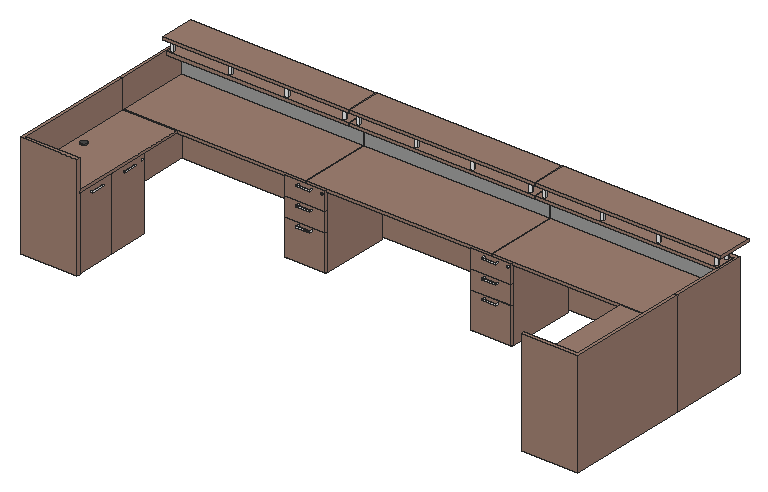
Revit family "T100123", category Furniture, Revit 2022 (continued)
Definition of nested family "OFS ELEMENT INTERIOR TACKBOARD FOR DESK WITH TRANSACTION SHELF"
  Types (11): name | Width 2 | Width | 3 Piece | Model | Description | 2 Piece | 1 Piece
    ELEMENT INTERIOR TACKBOARD FT1146 | 0' - 1" | 3' - 10 11/16" | no | "FT1146" | "OFS BRANDS OFS ELEMENT INTERIOR TACKBOARD FT1146 - Use with EL-T84LL48C, EL-T84RL48C, EL-T84LL60C and EL-T84RL60C" | no | yes
    ELEMENT INTERIOR TACKBOARD FT1142 | 3' - 10 11/16" | 13' - 9 15/32" | no | "FT1142" | "OFS BRANDS OFS ELEMENT INTERIOR TACKBOARD FT1142 - Two 46.6875\"W Pieces - Use with EL-T84DC" | yes | no
    ELEMENT INTERIOR TACKBOARD FT1144 | 0' - 1" | 6' - 9 1/2" | no | "FT1144" | "OFS BRANDS OFS ELEMENT INTERIOR TACKBOARD FT1144 - Use with EL-T84S, EL-T84LL48, EL-T84RL48, EL-T84LL60, EL-T84RL60, EL-T84LU48, EL-T84RU48, EL-T84LU60 and EL-T84RU60" | no | yes
    ELEMENT INTERIOR TACKBOARD FT1138 | 6' - 10 11/16" | 13' - 9 3/8" | no | "FT1138" | "OFS BRANDS OFS ELEMENT INTERIOR TACKBOARD FT1138 - Two 82.6875\"W Pieces - Use with EL-T84D, EL-T84D48 and EL-T84D60" | yes | no
    ELEMENT INTERIOR TACKBOARD FT1140 | 6' - 10 11/16" | 20' - 9 1/4" | yes | "FT1140" | "OFS BRANDS OFS ELEMENT INTERIOR TACKBOARD FT1140 - Two 82.6875\"W Pieces and One 83.875\"W Piece - Use with EL-T84T, EL-T84T48 and EL-T84T60" | yes | no
  Reference planes (in)
    plane 1 "Center Front/Back": y = 0
    plane 2: z = 0
    plane 3 "Center Left/Right": x = 0
    plane 4 "Left End": x = -70.6875
    plane 5 "Front End": y = -0.5
    plane 6 "Right End": x = 70.6875
    plane 7 "Height Top": z = 39.1875
    plane 8: z = 29.5
    plane 9: x = 0
    plane 10: x = 0
    plane 11: x = 0.0625
    plane 12: x = -0.0625
  Forms (in)
    Extrusion 1, solid, material <- "Tackboard Material", visible <- "1 Piece"
      sketch origin (0, 0, 0) x (1, 0, 0) y (0, 0, 1)
        loop
          line (-70.6875, 39.1875) -> (-70.6875, 29.5) -> (70.6875, 29.5) -> (70.6875, 39.1875) -> (-70.6875, 39.1875)
      from 0 to 0.5
    Extrusion 2, solid, material <- "Tackboard Material", visible <- "2 Piece"
      sketch origin (21.01601, -10.58254, 0) x (1, 0, 0) y (0, 0, 1)
        loop
          line (-91.70351, 39.1875) -> (-91.70351, 29.5) -> (-21.01601, 29.5) -> (-21.01601, 39.1875) -> (-91.70351, 39.1875)
      from -10.58254 to -10.08254
    Extrusion 3, solid, material <- "Tackboard Material", visible <- "2 Piece"
      sketch origin (24.64124, -12.27301, 0) x (1, 0, 0) y (0, 0, 1)
        loop
          line (-24.64124, 39.1875) -> (-24.64124, 29.5) -> (46.04626, 29.5) -> (46.04626, 39.1875) -> (-24.64124, 39.1875)
      from -12.27301 to -11.77301
    Extrusion 4, solid, material <- "Tackboard Material", visible <- "3 Piece"
      sketch origin (31.88948, -14.32657, 0) x (1, 0, 0) y (0, 0, 1)
        loop
          line (-31.82698, 39.1875) -> (-31.95198, 39.1875) -> (-31.95198, 29.5) -> (-31.82698, 29.5) -> (-31.82698, 39.1875)
      from -14.32657 to -13.82657
  Dimensions and locks (in)
    "Height": plane 7 "Height Top" to plane 8
    "Bottom Board Offset": plane 8 to level
    "Depth": plane 5 "Front End" to plane 1 "Center Front/Back"
    equal spacing: plane 4 "Left End", plane 3 "Center Left/Right", plane 6 "Right End"
    "Width": plane 4 "Left End" to plane 6 "Right End"
    "Width 2": plane 4 "Left End" to plane 9
    "Width 2": plane 10 to plane 6 "Right End"
    locked: plane 9 to plane 11 at 0.0625
    locked: plane 10 to plane 12 at 0.0625
    aligned and locked: level to plane 2
    aligned and locked: Extrusion 1 sketch curve to plane 7 "Height Top"
    aligned and locked: plane 4 "Left End" to Extrusion 1 sketch curve
    aligned and locked: Extrusion 1 sketch curve to plane 8
    aligned and locked: plane 6 "Right End" to Extrusion 1 sketch curve
    aligned and locked: Extrusion 1 to plane 5 "Front End"
    aligned and locked: Extrusion 1 to plane 1 "Center Front/Back"
    aligned and locked: Extrusion 2 to plane 1 "Center Front/Back"
    aligned and locked: Extrusion 2 to plane 4 "Left End"
    aligned and locked: Extrusion 2 to plane 5 "Front End"
    aligned and locked: plane 9 to Extrusion 2
    aligned and locked: Extrusion 3 to plane 1 "Center Front/Back"
    aligned and locked: Extrusion 3 to plane 5 "Front End"
    aligned and locked: Extrusion 3 to plane 10
    aligned and locked: Extrusion 3 to plane 6 "Right End"
    aligned and locked: Extrusion 4 to plane 11
    aligned and locked: Extrusion 4 to plane 12
    aligned and locked: Extrusion 4 to plane 1 "Center Front/Back"
    aligned and locked: Extrusion 4 to plane 5 "Front End"
  Automatic sketch dimensions
    Extrusion 2 sketch curve to plane 4 "Left End" = 0' - 0"
    Extrusion 2 sketch curve to plane 8 = 0' - 0"
    Extrusion 2 sketch curve to plane 9 = 0' - 0"
    Extrusion 2 sketch curve to plane 7 "Height Top" = 0' - 0"
    Extrusion 3 sketch curve to plane 8 = 0' - 0"
    Extrusion 3 sketch curve to plane 10 = 0' - 0"
    plane 6 "Right End" to Extrusion 3 sketch curve = 0' - 0"
    Extrusion 3 sketch curve to plane 7 "Height Top" = 0' - 0"
    Extrusion 4 sketch curve to plane 8 = 0' - 0"
    Extrusion 4 sketch curve to plane 7 "Height Top" = 0' - 0"
    plane 11 to Extrusion 4 sketch curve = 0' - 0"
    Extrusion 4 sketch curve to plane 3 "Center Left/Right" = 0' - 0 1/16"
